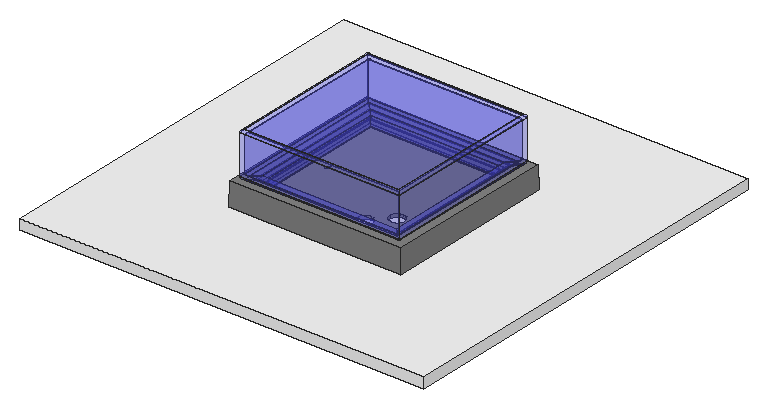
Revit family "BE_33032_de_DE", category Leuchten, Revit 2015
Parameters (values of type "BEGA_33032_Grafit_K4")
  built-in parameter 1150104 = 11.613 (stored number, unit not read)
  Wattage = 4.2 W
  Default Elevation = 0 mm
  built-in parameter 1150113 = 1 (stored number, unit not read)
  built-in parameter 1114218 = 1 (stored number, unit not read)
  Umgebungstemperatur = ""
  URL = "http://www.bega.de/produkt/33032"
  Typenkommentare = "© 2015 BEGA. Wir behalten uns das Recht vor, technische Änderungen ohne vorherige Ankündigung vorzunehmen."  # constant formula
  Type Image = 33032.png
  built-in parameter 1150134 = 12
  built-in parameter 1150109 = 1 (stored number, unit not read)
  Strom = ""
  built-in parameter 1150110 = 1 (stored number, unit not read)
  Spannung = 0 V
  Sonderanfertigung = no
  Seriennummer [instance] = "Hier können Sie die eindeutige Seriennummer für das Facility Management eintragen."
  Schutzklasse = "I"
  Schutzart = "IP 44"
  Scheinlast = 0 VA
  Produktdatenblatt = "http://www.bega.de/download/datenblaetter/de/33032.pdf"
  Neigungswinkel = 0.00°
  Modell = "33032K4"
  Material_11 = BEGA_Glas_opal
  Material_02 = BEGA_Oberfläche_Silber_matt
  Material_01 [instance] = BEGA_Oberfläche_Grafit_matt
  M_W = no
  M_G = yes
  M_A = no
  Logo = 0
  built-in parameter 1114217 = 1 (stored number, unit not read)
  built-in parameter 1150139 = (empty or 0)
  built-in parameter 1150105 = 41.778 (stored number, unit not read)
  built-in parameter 1150114 = 1 (stored number, unit not read)
  Lumens = 525 lm
  built-in parameter 1150115 = 1 (stored number, unit not read)
  Leuchtenlichtstrom = "322 lm"
  Leuchtenanzahl = ""
  Lebensdauerkriterien = "L70 = 50.000 h"
  Lastklassifizierung = Beleuchtung
  built-in parameter 1150112 = 1 (stored number, unit not read)
  Lampenlichtstrom = "525 lm"
  Lampe = "LED 4.2 W"
  LED_Modulbezeichnung = "LED-0261/840"
  built-in parameter 1150142 = (empty or 0)
  Hersteller = "BEGA"  # constant formula
  Halbstreuwinkel = ""
  Gewicht = "1.05 kg"
  Gebrauchslageneinschränkung [instance] = ""
  Frequenz = "50/60 Hz"
  Farbwiedergabeindex = "Ra > 80"
  Farbtemperaturverschiebung bei Dämpfen der Lampe = <Keine Auswahl>
  Farbtemperatur = "4000 K"
  Color Filter = 16777215
  built-in parameter 1150133 = 10 (stored number, unit not read)
  Energieeffizienzklasse = "LED A++ - A"
  built-in parameter 1150137 = (empty or 0)
  built-in parameter 1150132 = (empty or 0)
  ENEC = ""
  Dimmbar [instance] = ""
  Datei für fotometrisches Netz = "BE_33032K4.IES"
  CE_Konformität = "ja"
  Bestellnummer = "33032K4"
  Beschreibung_Sonderanfertigung = "Hier können Sie Informationen zur Sonderanfertigung eintragen."
  Beschreibung = "Lichtbaustein ®"
  built-in parameter 1150106 = 0.41778 (stored number, unit not read)
  Befestigungsbohrung = "Ø 4,5 mm"
  Befestigungsabstand = "110 mm"
  BEGA_Intern_aus = yes
  BEGA_Intern_an = yes
  BEGA_Intern_Konstruktion = yes
  BEGA_Intern = yes
  BEGA_IES3 = yes
  BEGA_IES2 = yes
  BEGA_IES1 = yes
  BEGA_IES = yes
  BEGA_Dummy = no
  Anschlussleistung [instance] = "6 W"
  built-in parameter 1150107 = 4000 (stored number, unit not read)
  built-in parameter 1150102 = (empty or 0)
  built-in parameter 1150138 = (empty or 0)
  Aktualisierung = "2016-02-02T04:09:11"
  AC/DC = "AC"
Types (5, lengths in mm): name | built-in parameter 1150104 | built-in parameter 1150134 | Modell | M_G | M_A | built-in parameter 1150105 | Lumens | Leuchtenlichtstrom | Lampenlichtstrom | LED_Modulbezeichnung | Farbtemperatur | Datei für fotometrisches Netz | Bestellnummer | built-in parameter 1150106 | built-in parameter 1150107
  (no name) | 11.613 (stored number, unit not read) | 12 | "33032K4" | yes | no | 41.778 (stored number, unit not read) | 525 lm | "322 lm" | "525 lm" | "LED-0261/840" | "4000 K" | "BE_33032K4.IES" | "33032K4" | 0.41778 (stored number, unit not read) | 4000 (stored number, unit not read)
  BEGA_33032_Grafit_K4 | 11.613 (stored number, unit not read) | 12 | "33032K4" | yes | no | 41.778 (stored number, unit not read) | 525 lm | "322 lm" | "525 lm" | "LED-0261/840" | "4000 K" | "BE_33032K4.IES" | "33032K4" | 0.41778 (stored number, unit not read) | 4000 (stored number, unit not read)
  BEGA_33032_Silber_K4 | 11.613 (stored number, unit not read) | 12 | "33032AK4" | no | yes | 41.778 (stored number, unit not read) | 525 lm | "322 lm" | "525 lm" | "LED-0261/840" | "4000 K" | "BE_33032K4.IES" | "33032AK4" | 0.41778 (stored number, unit not read) | 4000 (stored number, unit not read)
  BEGA_33032_Silber_K3 | 10.839 (stored number, unit not read) | (empty or 0) | "33032A" | no | yes | 38.994 (stored number, unit not read) | 490.014 lm | "305 lm" | "490 lm" | "LED-0261/830" | "3000 K" | "BE_33032.IES" | "33032A" | 0.38994 (stored number, unit not read) | 3000 (stored number, unit not read)
  BEGA_33032_Grafit_K3 | 10.839 (stored number, unit not read) | (empty or 0) | "33032" | yes | no | 38.994 (stored number, unit not read) | 490.014 lm | "305 lm" | "490 lm" | "LED-0261/830" | "3000 K" | "BE_33032.IES" | "33032" | 0.38994 (stored number, unit not read) | 3000 (stored number, unit not read)
Reference planes
  plane 1 "Mitte (Vorne/Hinten)": y = 0
  plane 2: z = 0
  plane 3 "Mitte (Links/Rechts)": x = 0
  plane 4 "Links": x = -85
  plane 5 "Rechts": x = 85
  plane 6 "Unten": y = -85
  plane 7 "Oben": y = 85
  plane 8 "Vorne": z = 68
Forms (mm)
  Extrusion 1, solid, material "BEGA_Platte_Weiss"
    sketch origin (0, -1119.2, 0) x (1, 0, 0) y (0, 1, 0)
      loop
        line (-200, 1319.2) -> (-200, 919.2) -> (200, 919.2) -> (200, 1319.2) -> (-200, 1319.2)
    from 0 to -10
  Extrusion 2, solid, material "BEGA_Dummy_matt", visible <- "BEGA_Dummy"
    sketch origin (80.095, -76.023, 0) x (1, 0, 0) y (0, 1, 0)
      loop
        line (-165.095, 161.023) -> (-165.095, -8.578) -> (4.905, -8.578) -> (4.905, 161.023) -> (-165.095, 161.023)
    from 0 to 68
Dimensions and locks
  plane 1 "Mitte (Vorne/Hinten)" to Extrusion 1 = 200 mm
  aligned and locked: plane 2 to Extrusion 1
  aligned and locked: level to Extrusion 1
Nested families
  nested 1: "BE_33032" at (0, 0, 0), type "BE_33032"
Connectors
  electrical at (0, 0, 0), driven by "Lastklassifizierung", driven by "Spannung", driven by "Scheinlast"
    settings: index 1, voltage 0 V, apparent load 0 VA, apparent load phase1 0 VA, apparent load phase2 0 VA, apparent load phase3 0 VA, power factor 1, load classification "Beleuchtung", number of poles 1, system type 31, power factor state 1, is connector primary yes, connector utility no, sub classification motor no, connector description ""
Definition of nested family "BE_33032"
  Parameters (values of type "BE_33032")
    Default Elevation = 1 mm
    URL = "http://www.bega.de/de/produkt"
    Type Comments = "© 2015 BEGA. Wir behalten uns das Recht vor, technische Änderungen ohne vorherige Ankündigung vorzunehmen. "  # constant formula
    Type Image = (empty or 0)
    Material_17 = none
    Material_15 = none
    Material_11 = none
    Material_09 = none
    Material_06 = none
    Material_02 = none
    Material_01 = none
    M_W = yes
    M_G = yes
    M_A = yes
    Länge_Platte = 200 mm  # constant formula
    Höhe_Platte = -10 mm  # constant formula
    Manufacturer = "BEGA"  # constant formula
    Breite_Platte = 200 mm  # constant formula
  Reference planes
    plane 1 "Mitte (Oben/Unten)": y = 0
    plane 2: z = 0
    plane 3 "Mitte (Links/Rechts)": x = 0
    plane 4 "Vorne": z = 68
    plane 5 "Hinten": z = 0
    plane 6 "Links": x = -85
    plane 7 "Rechts": x = 85
    plane 8 "Oben": y = 85
    plane 9 "Unten": y = -85
  Forms (mm)
    Extrusion 1, solid, detail levels medium
      sketch origin (0, 0, 0) x (1, 0, 0) y (0, 1, 0)
        loop
          line (-100, 100) -> (-100, -100) -> (100, -100) -> (100, 100) -> (-100, 100)
      from 0 to -10 <- "Höhe_Platte"
    Sweep 2, solid, material <- "Material_01", visible <- "M_G", detail levels medium+fine
      path origin (0, 0, 0) x (1, 0, 0) y (0, 1, 0)
        loop
          line (-85.004, -85.002) -> (85.004, -85.002) -> (85.004, 85.004) -> (-85.004, 85.004) -> (-85.004, -85.002)
      profile origin (-85.004, 0.001, 0) x (-1, 0, 0) y (0, 0, 1)
        loop
          line (0, 0) -> (-0.401, 22.995) -> (-13.695, 22.995) -> (-14.481, 8) -> (-36.256, 8) -> (-36.256, 5.5) -> (-11.805, 5.5) -> (-11.281, 20.5) -> (-2.858, 20.5) -> (-2.5, 0) -> (0, 0)
    Extrusion 3, solid, material <- "Material_01", visible <- "M_G", detail levels medium+fine
      sketch origin (0, 0, 0) x (1, 0, 0) y (0, 1, 0)
        loop
          line (-48.748, -48.746) -> (48.748, -48.746) -> (48.748, 48.748) -> (-48.748, 48.748) -> (-48.748, -48.746)
      from 5.5 to 8
    Sweep 4, solid, material <- "Material_11", detail levels medium+fine
      path origin (0, 0, 0) x (1, 0, 0) y (0, 1, 0)
        loop
          line (71.783, 71.783) -> (-71.783, 71.783) -> (-71.783, -71.783) -> (71.783, -71.783) -> (71.783, 71.783)
      profile origin (-71.783, 0, 0) x (1, 0, 0) y (0, 0, 1)
        loop
          line (-7.467, 65) -> (-7.467, 26.384)
          arc (-7.467, 26.384) -> (-6.645, 24.322) -> (-4.631, 23.389) r 3
          line (-4.631, 23.389) -> (2.783, 23) -> (5.283, 21.249) -> (5.283, 17.438) -> (3.265, 16.897)
          arc (3.265, 16.897) -> (2.196, 16.183) -> (1.783, 14.965) r 2
          line (1.783, 14.965) -> (1.783, 11) -> (6.283, 11) -> (8.654, 14.032) -> (8.654, 23.352) -> (5.231, 25.996) -> (-2.538, 26.27)
          arc (-2.538, 26.27) -> (-3.906, 26.88) -> (-4.467, 28.269) r 2
          line (-4.467, 28.269) -> (-4.467, 63)
          arc (-4.467, 63) -> (-3.881, 64.414) -> (-2.467, 65) r 2
          line (-2.467, 65) -> (23.035, 65) -> (23.035, 68) -> (-4.467, 68)
          arc (-4.467, 68) -> (-6.588, 67.121) -> (-7.467, 65) r 3
    Extrusion 5, solid, material <- "Material_11", detail levels medium+fine
      sketch origin (0, 0, 0) x (1, 0, 0) y (0, 1, 0)
        loop
          line (-48.748, 55) -> (-48.748, -48.748) -> (48.748, -48.748) -> (48.748, 55) -> (-48.748, 55)
      from 65 to 68
    Extrusion 6, void
      sketch origin (0, 0, 0) x (1, 0, 0) y (0, 1, 0)
        loop
          circle (18.972, -46.958) r 7.5
        loop
          circle (36.649, -29.28) r 7.5
        loop
          circle (-55, 0) r 2.25
        loop
          circle (55, 0) r 2.25
      from 0 to 13.8
    Sweep 7, solid, material <- "Material_02", visible <- "M_A", detail levels medium+fine
      path origin (0, 0, 0) x (1, 0, 0) y (0, 1, 0)
        loop
          line (-85.004, -85.002) -> (85.004, -85.002) -> (85.004, 85.004) -> (-85.004, 85.004) -> (-85.004, -85.002)
      profile origin (-85.004, 0.001, 0) x (-1, 0, 0) y (0, 0, 1)
        loop
          line (0, 0) -> (-0.401, 22.995) -> (-13.695, 22.995) -> (-14.481, 8) -> (-36.256, 8) -> (-36.256, 5.5) -> (-11.805, 5.5) -> (-11.281, 20.5) -> (-2.858, 20.5) -> (-2.5, 0) -> (0, 0)
    Extrusion 8, solid, material <- "Material_02", visible <- "M_A", detail levels medium+fine
      sketch origin (0, 0, 0) x (1, 0, 0) y (0, 1, 0)
        loop
          line (-48.748, -48.746) -> (48.748, -48.746) -> (48.748, 48.748) -> (-48.748, 48.748) -> (-48.748, -48.746)
      from 5.5 to 8
    Extrusion 9, void
      sketch origin (0, 0, 0) x (1, 0, 0) y (0, 1, 0)
        loop
          circle (18.972, -46.958) r 7.5
        loop
          circle (36.649, -29.28) r 7.5
        loop
          circle (-55, 0) r 2.25
        loop
          circle (55, 0) r 2.25
      from 0 to 13.8
  Cuts and joins
    Extrusion 6, Extrusion 9 cuts Sweep 2
    Extrusion 6, Extrusion 9 cuts Extrusion 3
    joined: Sweep 2, Extrusion 3
    Extrusion 6 cuts Sweep 4
    Extrusion 6 cuts Extrusion 5
    joined: Sweep 4, Extrusion 5
    Extrusion 9 cuts Sweep 7
    Extrusion 9 cuts Extrusion 8
    joined: Sweep 7, Extrusion 8
  Dimensions and locks
    equal spacing: Extrusion 1 sketch curve, plane 3 "Mitte (Links/Rechts)", Extrusion 1 sketch curve
    equal spacing: Extrusion 1 sketch curve, plane 1 "Mitte (Oben/Unten)", Extrusion 1 sketch curve
    "Länge_Platte": Extrusion 1 sketch curve to Extrusion 1 sketch curve
    "Breite_Platte": Extrusion 1 sketch curve to Extrusion 1 sketch curve
    aligned and locked: plane 2 to Extrusion 1
    aligned and locked: level to Extrusion 1
  Automatic sketch dimensions
    Sweep 2 sketch curve to plane 3 "Mitte (Links/Rechts)" = 85.004 mm
    plane 1 "Mitte (Oben/Unten)" to Sweep 2 sketch curve = 85.002 mm
    Sweep 2 sketch curve to Sweep 2 sketch curve = 170.006 mm
    plane 3 "Mitte (Links/Rechts)" to Sweep 2 sketch curve = 85.004 mm
    profile plane to Sweep 2 sketch curve = 0.401 mm
    level to Sweep 2 sketch curve = 22.995 mm
    Sweep 2 sketch curve to Sweep 2 sketch curve = 13.294 mm
    Sweep 2 sketch curve to Sweep 2 sketch curve = 0.786 mm
    level to Sweep 2 sketch curve = 8 mm
    Sweep 2 sketch curve to level = 0 mm
    Sweep 2 sketch curve to Sweep 2 sketch curve = 21.774 mm
    Sweep 2 sketch curve to Sweep 2 sketch curve = 2.676 mm
    Sweep 2 sketch curve to Sweep 2 sketch curve = 2.414 mm
    profile plane to Sweep 2 sketch curve = 2.858 mm
    profile plane to Sweep 2 sketch curve = 2.5 mm
    Sweep 2 sketch curve to Sweep 2 sketch curve = 2.5 mm
    Sweep 2 sketch curve to Sweep 2 sketch curve = 2.495 mm
    Sweep 2 sketch curve to profile plane = 0 mm
    Extrusion 3 sketch curve to plane 3 "Mitte (Links/Rechts)" = 48.748 mm
    Extrusion 3 sketch curve to plane 1 "Mitte (Oben/Unten)" = 48.748 mm
    plane 3 "Mitte (Links/Rechts)" to Extrusion 3 sketch curve = 48.748 mm
    plane 1 "Mitte (Oben/Unten)" to Extrusion 3 sketch curve = 48.746 mm
    Sweep 4 sketch curve to plane 3 "Mitte (Links/Rechts)" = 71.783 mm
    plane 1 "Mitte (Oben/Unten)" to Sweep 4 sketch curve = 71.783 mm
    plane 3 "Mitte (Links/Rechts)" to Sweep 4 sketch curve = 71.783 mm
    Sweep 4 sketch curve to plane 1 "Mitte (Oben/Unten)" = 71.783 mm
    profile plane to Sweep 4 sketch curve = 7.467 mm
    Sweep 4 sketch curve to Sweep 4 sketch curve = 2.836 mm
    Sweep 4 sketch curve to Sweep 4 sketch curve = 3 mm
    Sweep 4 sketch curve to Sweep 4 sketch curve = 0.164 mm
    Sweep 4 sketch curve to Sweep 4 sketch curve = 0 mm  (x3)
    Sweep 4 sketch curve to Sweep 4 sketch curve = 1.929 mm
    Sweep 4 sketch curve to Sweep 4 sketch curve = 2 mm  (x3)
    Sweep 4 sketch curve to Sweep 4 sketch curve = 0.071 mm
    Sweep 4 sketch curve to profile plane = 1.783 mm
    Sweep 4 sketch curve to profile plane = 2.783 mm
    Sweep 4 sketch curve to Sweep 4 sketch curve = 2.448 mm
    Sweep 4 sketch curve to Sweep 4 sketch curve = 2.5 mm
    Sweep 4 sketch curve to Sweep 4 sketch curve = 4.5 mm
    Sweep 4 sketch curve to Sweep 4 sketch curve = 3.371 mm
    level to Sweep 4 sketch curve = 11 mm
    Sweep 4 sketch curve to Sweep 4 sketch curve = 3.032 mm
    Sweep 4 sketch curve to Sweep 4 sketch curve = 3.965 mm
    Sweep 4 sketch curve to Sweep 4 sketch curve = 2.473 mm
    Sweep 4 sketch curve to Sweep 4 sketch curve = 3.812 mm
    Sweep 4 sketch curve to Sweep 4 sketch curve = 1.751 mm
    Sweep 4 sketch curve to Sweep 4 sketch curve = 2.102 mm
    Sweep 4 sketch curve to Sweep 4 sketch curve = 0.389 mm
    Sweep 4 sketch curve to Sweep 4 sketch curve = 2.996 mm
    Sweep 4 sketch curve to Sweep 4 sketch curve = 0.114 mm
    Sweep 4 sketch curve to Sweep 4 sketch curve = 34.731 mm
    Sweep 4 sketch curve to Sweep 4 sketch curve = 0.518 mm
    Sweep 4 sketch curve to profile plane = 23.035 mm
    Extrusion 5 sketch curve to plane 3 "Mitte (Links/Rechts)" = 48.748 mm
    plane 1 "Mitte (Oben/Unten)" to Extrusion 5 sketch curve = 48.748 mm
    plane 3 "Mitte (Links/Rechts)" to Extrusion 5 sketch curve = 48.748 mm
    Extrusion 5 sketch curve to plane 1 "Mitte (Oben/Unten)" = 55 mm
    plane 3 "Mitte (Links/Rechts)" to Extrusion 6 sketch curve = 18.972 mm
    Extrusion 6 sketch curve to Extrusion 6 sketch curve = 17.678 mm  (x2)
    plane 1 "Mitte (Oben/Unten)" to Extrusion 6 sketch curve = 46.958 mm
    Sweep 7 sketch curve to plane 3 "Mitte (Links/Rechts)" = 85.004 mm
    plane 3 "Mitte (Links/Rechts)" to Sweep 7 sketch curve = 85.004 mm
    plane 1 "Mitte (Oben/Unten)" to Sweep 7 sketch curve = 85.002 mm
    Sweep 7 sketch curve to plane 1 "Mitte (Oben/Unten)" = 85.004 mm
    Sweep 7 sketch curve to level = 0 mm
    Sweep 7 sketch curve to profile plane = 0 mm
    profile plane to Sweep 7 sketch curve = 0.401 mm
    profile plane to Sweep 7 sketch curve = 2.5 mm
    profile plane to Sweep 7 sketch curve = 2.858 mm
    Sweep 7 sketch curve to Sweep 7 sketch curve = 8.423 mm
    level to Sweep 7 sketch curve = 5.5 mm
    Sweep 7 sketch curve to Sweep 7 sketch curve = 9.304 mm
    Sweep 7 sketch curve to Sweep 7 sketch curve = 2.414 mm
    Sweep 7 sketch curve to Sweep 7 sketch curve = 2.676 mm
    Sweep 7 sketch curve to Sweep 7 sketch curve = 21.774 mm
    Sweep 7 sketch curve to Sweep 7 sketch curve = 2.5 mm
    Sweep 7 sketch curve to Sweep 7 sketch curve = 12.5 mm
    Sweep 7 sketch curve to Sweep 7 sketch curve = 2.495 mm
    Extrusion 8 sketch curve to plane 3 "Mitte (Links/Rechts)" = 48.748 mm
    plane 3 "Mitte (Links/Rechts)" to Extrusion 8 sketch curve = 48.748 mm
    plane 1 "Mitte (Oben/Unten)" to Extrusion 8 sketch curve = 48.746 mm
    Extrusion 8 sketch curve to plane 1 "Mitte (Oben/Unten)" = 48.748 mm
    plane 1 "Mitte (Oben/Unten)" to Extrusion 9 sketch curve = 0 mm  (x2)
    Extrusion 9 sketch curve to plane 3 "Mitte (Links/Rechts)" = 55 mm
    plane 3 "Mitte (Links/Rechts)" to Extrusion 9 sketch curve = 18.972 mm
    Extrusion 9 sketch curve to Extrusion 9 sketch curve = 17.678 mm  (x2)
    Extrusion 9 sketch curve to Extrusion 9 sketch curve = 18.351 mm
    plane 1 "Mitte (Oben/Unten)" to Extrusion 9 sketch curve = 29.28 mm
    radius of Extrusion 6 sketch curve = 7.5 mm  (x2)
    radius of Extrusion 9 sketch curve = 7.5 mm  (x2)
    radius of Extrusion 9 sketch curve = 2.25 mm  (x2)
